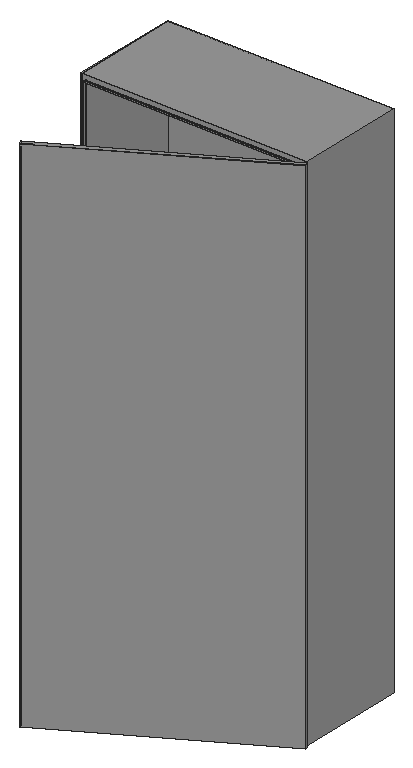
Revit family "Hager-Univers-IP41-D400-H1850-Cl.I-Steel_encl-NoHosted-AT-de", category Equipement électrique, Revit 2020
Family settings
  Configuration du panneau = Deux colonnes, circuits au sein
  Cote de connecteur circulaire = Utiliser le diamètre
  Type d'élément = Tableau de raccordement
  Basée sur le plan de construction = Oui
  Toujours verticalement = Oui
  Couper avec des vides une fois chargée = Non
  Partagée = Non
  Point de calcul de pièce = Non
Parameters (values of type "Aufputz IP41 B800 H1850 T400  - FS23G")
  Width Control [instance] = if([EF000008 - Breite] > Min Width, [EF000008 - Breite], Min Width)  # 800 mm
  Commentaires du type = [HG000003 - Bereich]  # "Univers"
  Thickness Door [instance] = if([EF009171 - Materialstärke Tür/Deckel] > 3 mm, 3 mm, [EF009171 - Materialstärke Tür/Deckel])  # 1.5 mm
  Seal Frame Offset [instance] = 17 mm  # constant formula
  Plinth Visibility [instance] = [HG000027 - Sockelhöhe] > 0 mm  # no
  Min Width [instance] = 100 mm  # constant formula
  Min Depth [instance] = (2 * [EF009170 - Materialstärke Gehäuse]) + 1 mm  # 4 mm
  Min Height [instance] = 100 mm  # constant formula
  Internal Frame Depth [instance] = (Door System Depth * 0.5)  # 9 mm
  Panel Name [instance] = ""  # (empty or 0)
  Model = ""
  HG000027 - Sockelhöhe = 0 mm
  HG000026 - Stehend auf dem Boden = no
  HG000024 - Höhe des unteren Teils = 600 mm
  HG000023 - Gehäuse mit doppeltem Querschnitt = no
  HG000016 - 3D-Türsichtbarkeit [instance] = yes
  HG000015 - Sichtbarkeit der Türöffnung [instance] = no
  HG000014 - Tür rechts [instance] = yes
  HG000013 - Tür links [instance] = not([HG000014 - Tür rechts])  # no
  HG000012 - Türschwenkwinkel [instance] = 30.00°
  HG000010 - Asymmetrische Türen = no
  HG000009 - Doppelflügeligen Tür = no
  HG000006 - Unterputz = no
  HG000004 - Herstellerreferenz = "FS23G"
  HG000003 - Bereich = "Univers"
  HG000002 - Mit tür = yes
  Frame Offset Bottom [instance] = 10 mm  # constant formula
  Frame Offset [instance] = 15 mm  # constant formula
  EF015940 - Deckel mit Überdruckentlastung = no
  EF011959 - Schutzart (NEMA) = ""
  EF009554 - Anzahl der Öffnungen für Flanschplatten = 6
  EF009212 - Ausführung Deckel = "EV000116 - geschlossen"
  EF009171 - Materialstärke Tür/Deckel = 1.5 mm
  EF009170 - Materialstärke Gehäuse = 1.5 mm
  EF008873 - Nennstrom (In) = 800 A
  EF007800 - Geeignet für Blitzschutz = no
  EF006306 - Mit Schloss = no
  EF006244 - Transparenter Deckel/Tür = no
  EF005474 - Schutzart (IP) = "EV006416 - IP41"
  EF004464 - Art der Tür = "EV002646 - Einzel"
  EF004427 - Anzahl der Module = 432
  EF004293 - Schlagfestigkeit = "EV006813 - IK07"
  EF003532 - Geeignet für Außengebrauch = no
  EF002950 - Breite in Teilungseinheiten = 24
  EF001613 - Funktionserhalt = "EV000494 - ohne"
  EF001596 - Werkstoff des Gehäuses = "EV000179 - Stahl"
  EF001131 - Innentiefe = 400 mm
  EF001088 - Anbaumöglichkeit = yes
  EF000437 - Anzahl der Leitungseinführungen = 6
  EF000339 - Art der Abdeckung = "EV004216 - Tür"
  EF000266 - Anzahl der Reihen = 12
  EF000218 - Einbautiefe = 0 mm
  EF000118 - Mit Montageplatte = no
  EF000116 - RAL-Nummer = "7035"
  EF000049 - Tiefe = 400 mm
  EF000040 - Höhe = 1850 mm
  EF000008 - Breite = 800 mm
  EF000007 - Farbe = "EV000270 - grau"
  EF000003 - Montageart = "EV000384 - Aufputz"
  Door System Leaf Tolerance [instance] = 1.5 mm  # constant formula
  Door System Depth [instance] = 18 mm  # constant formula
  Door Height [instance] = Height Control - [HG000027 - Sockelhöhe]  # 1850 mm
  Description = ""
  Default Elevation = 1219.2 mm
  Connector Offset [instance] = Height Control / 2  # 925 mm
  Fabricant = "Hager"  # constant formula
  Height Control [instance] = if([EF000040 - Höhe] > Min Height, [EF000040 - Höhe], Min Height)  # 1850 mm
  Depth Control [instance] = if([EF000049 - Tiefe] > Min Depth, [EF000049 - Tiefe], Min Depth)  # 400 mm
  Bottom Top Plate Trim [instance] = 1.5 mm  # constant formula
  Plinth height Ctrl [instance] = if([HG000027 - Sockelhöhe] > 0 mm, [HG000027 - Sockelhöhe], 12 mm)  # 12 mm
Types (5, lengths in mm): name | Width Control | HG000009 - Doppelflügeligen Tür | HG000004 - Herstellerreferenz | EF009554 - Anzahl der Öffnungen für Flanschplatten | EF004464 - Art der Tür | EF004427 - Anzahl der Module | EF000437 - Anzahl der Leitungseinführungen | EF000008 - Breite
  Aufputz IP41 B1050 H1850 T400  - FS24G | 1050 | yes | "FS24G" | 8 | "EV003602 - Doppel" | 576 | 8 | 1050
  Aufputz IP41 B1300 H1850 T400  - FS25G | 1300 | yes | "FS25G" | 10 | "EV003602 - Doppel" | 720 | 10 | 1300
  Aufputz IP41 B300 H1850 T400  - FS21G | 300 | no | "FS21G" | 2 | "EV002646 - Einzel" | 144 | 2 | 300
  Aufputz IP41 B550 H1850 T400  - FS22G | 550 | no | "FS22G" | 4 | "EV002646 - Einzel" | 288 | 4 | 550
  Aufputz IP41 B800 H1850 T400  - FS23G | 800 | no | "FS23G" | 6 | "EV002646 - Einzel" | 432 | 6 | 800
Reference planes
  plane 1 "Center (Front/Back)": y = 0
  plane 2: z = 0
  plane 3 "Center (Left/Right)": x = 0
  plane 4: y = 0
  plane 5: y = 0
  plane 6: z = 0
  plane 7: x = -400
  plane 8: x = 400
  plane 9: x = 398.5
  plane 10: x = -398.5
  plane 11: z = 0
  plane 12: z = 1.5
  plane 13: y = -400
  plane 14: y = -1.5
  plane 15: x = 0
  plane 16: y = -382
  plane 17: y = -398.5
  plane 18: y = -380.5
  plane 19: x = -383.5
  plane 20: x = 383.5
  plane 21: z = 11.5
  plane 22: x = -383
  plane 23: x = 383
  plane 24: z = 0
  plane 25: z = 1850
  plane 26: z = 1850
  plane 27: z = 1833.5
  plane 28: z = 1848.5
Forms (mm)
  Extrusion 1, solid, material "Hager_Steel_RAL7035_Light_Grey", detail levels medium+fine
    sketch origin (-208.679, -4572, 0) x (-1, 0, 0) y (0, -1, 0)
      loop
        line (191.321, -4190) -> (-608.679, -4190) -> (-608.679, -4572) -> (191.321, -4572) -> (191.321, -4190)
    from 0 to 1850
  Extrusion 2, void
    sketch origin (-350.771, -400, 1219.2) x (1, 0, 0) y (0, 0, 1)
      loop
        line (-47.729, 629.3) -> (-47.729, -1217.7) -> (749.271, -1217.7) -> (749.271, 629.3) -> (-47.729, 629.3)
    from -19.5 to -398.5
  Extrusion 3, void
    sketch origin (-290.084, -382, 1219.2) x (1, 0, 0) y (0, 0, 1)
      loop
        line (-93.416, -1207.7) -> (673.584, -1207.7) -> (673.584, 614.3) -> (-93.416, 614.3) -> (-93.416, -1207.7)
    from 0 to -1.5
  Extrusion 4, solid, material "Hager_Steel_RAL7035_Light_Grey", visible <- "Plinth Visibility", detail levels medium+fine
    sketch origin (0, 0, 0) x (1, 0, 0) y (0, 1, 0)
      loop
        line (-400, 0) -> (-400, -382) -> (400, -382) -> (400, 0) -> (-400, 0)
    from 0 to 12 <- "Plinth height Ctrl"
  Extrusion 5, solid, material "Hager_Steel_RAL7035_Light_Grey", detail levels coarse
    sketch origin (0, 0, 0) x (1, 0, 0) y (0, 1, 0)
      loop
        line (-400, 0) -> (-400, -400) -> (400, -400) -> (400, 0) -> (-400, 0)
    from 0 to 1850 <- "Height Control"
  Sweep 6, void
    path in 3D
      loop
        line (-400, -382, 12) -> (400, -382, 12) -> (400, 0, 12) -> (-400, 0, 12) -> (-400, -382, 12)
    profile origin (-400, -191, 12) x (1, 0, 0) y (0, 0, 1)
      loop
        line (0, 0) -> (0, -1.5) -> (1.5, -1.5)
        arc (1.5, -1.5) -> (1.061, -0.439) -> (0, 0) r 1.5
  Extrusion 7, solid, material "Hager_Steel_RAL7035_Light_Grey", detail levels fine
    sketch origin (-400, -382, 0) x (1, 0, 0) y (0, 0, 1)
      loop
        line (16.5, 11.5) -> (783.5, 11.5) -> (783.5, 1833.5) -> (16.5, 1833.5) -> (16.5, 11.5)
      loop
        line (15, 10) -> (785, 10) -> (785, 1835) -> (15, 1835) -> (15, 10)
    from 0 to 9 <- "Internal Frame Depth"
Cuts and joins
  Extrusion 2, Extrusion 3 cuts Extrusion 1
  Sweep 6 cuts Extrusion 4
Lines and regions (mm)
  Masking region 1
    outline origin (0, 0, 0) x (1, 0, 0) y (0, 1, 0)
      loop
        line (-400, 0) -> (-400, -400) -> (400, -400) -> (400, 0) -> (-400, 0)
  Masking region 2, detail levels coarse
    outline origin (-290.084, -382, 1219.2) x (-1, 0, 0) y (0, 0, 1)
      loop
        line (-690.084, -1219.2) -> (109.916, -1219.2) -> (109.916, 630.8) -> (-690.084, 630.8) -> (-690.084, -1219.2)
  Masking region 3, detail levels coarse
    outline origin (0, 0, 0) x (0, 1, 0) y (0, 0, 1)
      loop
        line (0, 0) -> (0, 1850) -> (-400, 1850) -> (-400, 0) -> (0, 0)
  Masking region 4, visible <- "Plinth Visibility", detail levels medium+fine
    outline origin (0, 0, 0) x (0, 1, 0) y (0, 0, 1)
      loop
        line (-1.5, 12) -> (-380.5, 12)
        arc (-380.5, 12) -> (-380.939, 10.939) -> (-382, 10.5) r 1.5
        line (-382, 10.5) -> (-382, 0) -> (0, 0) -> (0, 10.5)
        arc (0, 10.5) -> (-1.061, 10.939) -> (-1.5, 12) r 1.5
  Masking region 5, detail levels medium+fine
    outline origin (0, 0, 594.038) x (0, 1, 0) y (0, 0, 1)
      loop
        line (0, -594.038) -> (0, 1255.962) -> (-382, 1255.962) -> (-382, -594.038) -> (0, -594.038)
  Masking region 6, detail levels medium+fine
    outline origin (-359.7, -382, 1211.883) x (-1, 0, 0) y (0, 0, 1)
      loop
        line (-759.7, -1211.883) -> (40.3, -1211.883) -> (40.3, 638.117) -> (-759.7, 638.117) -> (-759.7, -1211.883)
  Masking region 7, visible <- "Plinth Visibility", detail levels medium+fine
    outline origin (-320.334, -382, 1041.368) x (-1, 0, 0) y (0, 0, 1)
      loop
        line (-720.334, -1041.368) -> (79.666, -1041.368) -> (79.666, -1030.868)
        arc (79.666, -1030.868) -> (78.606, -1030.429) -> (78.166, -1029.368) r 1.5
        line (78.166, -1029.368) -> (-718.834, -1029.368)
        arc (-718.834, -1029.368) -> (-719.273, -1030.429) -> (-720.334, -1030.868) r 1.5
        line (-720.334, -1030.868) -> (-720.334, -1041.368)
  sketch lines
    curve 1: line (-400, 0, 12) -> (-400, -382, 12)
    curve 2: line (-400, -382, 12) -> (400, -382, 12)
    curve 3: line (400, 0, 12) -> (-400, 0, 12)
    curve 4: line (400, -382, 12) -> (400, 0, 12)
Dimensions and locks
  locked: plane 1 "Center (Front/Back)" to plane 5
  "EF009170 - Materialstärke Gehäuse": plane 7 to plane 10
  "EF009170 - Materialstärke Gehäuse": plane 8 to plane 9
  equal spacing: plane 7, plane 3 "Center (Left/Right)", plane 8
  "Width Control": plane 7 to plane 8
  "Depth Control": plane 4 to plane 13
  "EF009170 - Materialstärke Gehäuse": plane 4 to plane 14
  "Height Control": plane 25 to level
  "HG000027 - Sockelhöhe": plane 11 to level
  "EF009170 - Materialstärke Gehäuse": plane 12 to plane 11
  "EF009170 - Materialstärke Gehäuse": plane 17 to plane 13
  "EF009170 - Materialstärke Gehäuse": plane 18 to plane 16
  "Frame Offset Bottom": plane 21 to plane 12
  "Frame Offset": plane 10 to plane 19
  "Frame Offset": plane 9 to plane 20
  "Door System Depth": plane 16 to plane 13
  "Seal Frame Offset": plane 7 to plane 22
  "Seal Frame Offset": plane 8 to plane 23
  "EF009170 - Materialstärke Gehäuse": plane 26 to plane 28
  "Frame Offset": plane 28 to plane 27
  "Connector Offset": plane 2 to connector elem
  "Bottom Top Plate Trim": profile plane to Sweep 6 sketch curve
  "Bottom Top Plate Trim": Sweep 6 sketch curve to Sweep 6 sketch curve
  "Plinth height Ctrl": Masking region 4 sketch curve to level
  "Plinth height Ctrl": Masking region 7 sketch curve to level
  "Thickness Door": Extrusion 7 sketch curve to Extrusion 7 sketch curve  (x4)
  "Bottom Top Plate Trim": radius of Sweep 6 sketch curve
  "Bottom Top Plate Trim": radius of Masking region 4 sketch curve  (x2)
  "Bottom Top Plate Trim": radius of Masking region 7 sketch curve  (x2)
  aligned and locked: Extrusion 2 sketch curve to plane 12
  aligned and locked: Extrusion 2 sketch curve to plane 9
  aligned and locked: Extrusion 2 sketch curve to plane 10
  aligned and locked: Extrusion 2 to plane 14
  aligned and locked: Extrusion 1 sketch curve to plane 4
  aligned and locked: plane 8 to Extrusion 1 sketch curve
  aligned and locked: plane 7 to Extrusion 1 sketch curve
  aligned and locked: Extrusion 2 to plane 18
  aligned and locked: Extrusion 3 sketch curve to plane 19
  aligned and locked: plane 20 to Extrusion 3 sketch curve
  aligned and locked: Extrusion 3 to Extrusion 2
  aligned and locked: Extrusion 3 sketch curve to plane 21
  aligned and locked: plane 3 "Center (Left/Right)" to nested 1
  aligned and locked: Extrusion 1 sketch curve to plane 16
  aligned and locked: Extrusion 4 sketch curve to cut or joined group of Extrusion 1, Extrusion 2, Extrusion 3
  aligned and locked: Masking region 1 sketch curve to plane 7
  aligned and locked: Masking region 1 sketch curve to plane 5
  aligned and locked: Masking region 1 sketch curve to plane 8
  aligned and locked: Masking region 2 sketch curve to level
  aligned and locked: level to Masking region 3 sketch curve
  aligned and locked: plane 1 "Center (Front/Back)" to Masking region 3 sketch curve
  aligned and locked: plane 13 to Masking region 3 sketch curve
  aligned and locked: plane 5 to Masking region 4 sketch curve
  aligned and locked: Masking region 2 sketch curve to plane 8
  aligned and locked: Masking region 2 sketch curve to plane 7
  aligned and locked: plane 7 to nested 2
  aligned and locked: nested 2 to plane 5
  aligned and locked: plane 5 to Masking region 5 sketch curve
  aligned and locked: plane 26 to Masking region 5 sketch curve
  aligned and locked: Extrusion 5 sketch curve to plane 8
  aligned and locked: Extrusion 5 sketch curve to plane 7
  aligned and locked: Extrusion 5 sketch curve to plane 5
  aligned and locked: Extrusion 3 sketch curve to plane 27
  aligned and locked: Extrusion 2 sketch curve to plane 28
  aligned and locked: Masking region 2 to plane 25
  aligned and locked: Extrusion 4 to plane 16
  aligned and locked: profile plane to Sweep 6 sketch curve
  aligned and locked: Masking region 5 sketch curve to plane 24
  aligned and locked: level to Masking region 4 sketch curve
  aligned and locked: Masking region 1 to plane 13
  aligned and locked: nested 1 to plane 16
  aligned and locked: Masking region 3 to plane 25
  aligned and locked: plane 16 to Masking region 4 sketch curve
  aligned and locked: Masking region 5 sketch curve to plane 16
  aligned and locked: plane 24 to plane 11
  aligned and locked: plane 26 to plane 25
  aligned and locked: plane 26 to cut or joined group of Extrusion 1, Extrusion 2, Extrusion 3
  aligned and locked: nested 1 to plane 24
  aligned and locked: Extrusion 1 to Extrusion 3
  aligned and locked: Masking region 6 sketch curve to plane 8
  aligned and locked: Masking region 6 sketch curve to plane 24
  aligned and locked: Masking region 6 sketch curve to plane 7
  aligned and locked: Masking region 6 sketch curve to plane 26
  aligned and locked: Masking region 7 sketch curve to plane 7
  aligned and locked: level to Masking region 7 sketch curve
  aligned and locked: Masking region 7 sketch curve to plane 8
  aligned and locked: Extrusion 7 sketch curve to cut or joined group of Extrusion 1, Extrusion 2, Extrusion 3  (x4)
Automatic sketch dimensions
  plane 19 to Extrusion 3 sketch curve = 0 mm
  Extrusion 3 sketch curve to plane 20 = 0 mm
  Extrusion 3 sketch curve to plane 21 = 0 mm
  Extrusion 4 sketch curve to plane 7 = 0 mm
  Extrusion 4 sketch curve to plane 8 = 0 mm
  Extrusion 4 sketch curve to plane 16 = 0 mm
  Masking region 1 sketch curve to plane 13 = 0 mm
  Masking region 2 sketch curve to plane 25 = 0 mm
  Masking region 3 sketch curve to plane 25 = 0 mm
  Extrusion 5 sketch curve to plane 13 = 0 mm
  profile plane to Sweep 6 sketch curve = 0 mm
Nested families
  nested 1: "EC000058_Univers_Door" at (0, -382, 0), Double <- "HG000009 - Doppelflügeligen Tür", Transparent <- "EF006244 - Transparenter Deckel/Tür", Angle <- "HG000012 - Türschwenkwinkel", Door_Right <- "HG000014 - Tür rechts", Assymetrical <- "HG000010 - Asymmetrische Türen", Door <- "HG000002 - Mit tür", Width_Ctrl <- "Width Control", 3d_Door <- "HG000016 - 3D-Türsichtbarkeit", Clearance <- "HG000015 - Sichtbarkeit der Türöffnung", Door_Left <- "HG000013 - Tür links", Width <- "Width Control", Door_Depth <- "Door System Depth", Leaf_Tolerance <- "Door System Leaf Tolerance", Height <- "Door Height", Lock_Visibility <- "EF006306 - Mit Schloss", Thickness <- "Thickness Door", type "EC000058_Univers_Door", detail levels medium+fine
    with min_wh 4 mm, Width_Ctrl 800 mm, Width 800 mm, Transparent no, Thickness 1.5 mm, Seal_Material Hager_Rubber, Lock_Visibility no, Lock_Material Hager_Plastic_RAL9005_Jet_Black, Leaf_Width 800 mm, Leaf_Tolerance_External_Sides 0 mm, Leaf_Tolerance 1.5 mm, Leaf_Offset 0 mm, Leaf_Height 1847 mm, Leaf_2_Width 800 mm, Leaf_2_Offset 400 mm, Leaf_1_Width 800 mm, Leaf_1_Offset 400 mm, Height_Ctrl 1850 mm, Height 1850 mm, Glass_Material Hager_Glass, Double_Clearance_Ctrl no, Double no, Door_Right_Ctrl yes, Door_Right yes, Door_Material Hager_Steel_RAL7035_Light_Grey, Door_Left_Ctrl no, Door_Left no, Door_Depth 18 mm, Door yes, Clearance_Material Hager_Clearance, Clearance_Depth 800 mm, Clearance_Ctrl no, Clearance no, Assymetrical no, Angle 30.00°, 3d_Door yes
  nested 2: "Hager_Enclosure_Symbol" at (-400, 0, 0), Height <- "Depth Control", Width <- "Width Control", type "Hager_Enclosure_Symbol"
    with Width_Ctrl 800 mm, Width 800 mm, Height_Ctrl 400 mm, Height 400 mm, A_Width_Int 26.25 mm, A_Width 315 mm, A_Height_Ctrl 350 mm, A_Height 350 mm
Connectors
  electrical at (0, 0, 925)
    settings: on plane 1 "Center (Front/Back)", index 1, voltage 0 V, apparent load 0 VA, apparent load phase1 0 VA, apparent load phase2 0 VA, apparent load phase3 0 VA, power factor 1, load classification "Other", number of poles 1, system type 30, power factor state 1, is connector primary yes, connector utility no, sub classification motor no, connector description ""
Definition of nested family "EC000058_Univers_Door"
  Parameters (values of type "EC000058_Univers_Door")
    min_wh [instance] = (2 * Thickness) + 1 mm  # 11 mm
    Width_Ctrl [instance] = 400 mm
    Width [instance] = 500 mm
    Transparent [instance] = yes
    Thickness [instance] = 5 mm
    Seal_Material [instance] = none
    Lock_Visibility [instance] = yes
    Lock_Material [instance] = none
    Leaf_Width [instance] = if((Width_Ctrl - 2 * Leaf_Tolerance_External_Sides) > 0 mm, (Width_Ctrl - 2 * Leaf_Tolerance_External_Sides), min_wh)  # 400 mm
    Leaf_Tolerance_External_Sides [instance] = 0 mm  # constant formula
    Leaf_Tolerance [instance] = 1.5 mm
    Leaf_Offset [instance] = 0 mm  # constant formula
    Leaf_Height [instance] = if((Height_Ctrl - 2 * Leaf_Tolerance) > 0 mm, (Height_Ctrl - 2 * Leaf_Tolerance), min_wh)  # 497 mm
    Leaf_2_Width [instance] = if(and(and(Double, Assymetrical), Door_Left), (Leaf_Width / 3) - (Leaf_Tolerance / 2), if(and(and(Double, Assymetrical), Door_Right), (Leaf_Width / 3) * 2 - (Leaf_Tolerance / 2), if(and(Double, not(Assymetrical)), (Leaf_Width / 2) - Leaf_Tolerance, Leaf_Width)))  # 400 mm
    Leaf_2_Offset [instance] = if(and(Double, Assymetrical), Leaf_2_Width / 2, if(and(Double, not(Assymetrical)), Leaf_Width / 4, Leaf_Width / 2))  # 200 mm
    Leaf_1_Width [instance] = if(and(and(Double, Assymetrical), Door_Right), (Leaf_Width / 3) - (Leaf_Tolerance / 2), if(and(and(Double, Assymetrical), Door_Left), (Width / 3) * 2 - (Leaf_Tolerance / 2), if(and(Double, not(Assymetrical)), (Leaf_Width / 2) - Leaf_Tolerance, Leaf_Width)))  # 400 mm
    Leaf_1_Offset [instance] = if(and(Double, Assymetrical), Leaf_1_Width / 2, if(and(Double, not(Assymetrical)), Leaf_Width / 4, Leaf_Width / 2))  # 200 mm
    Height_Ctrl [instance] = if(Height > min_wh, Height, min_wh)  # 500 mm
    Height [instance] = 500 mm
    Glass_Material [instance] = none
    Double_Clearance_Ctrl [instance] = and(Double, Clearance)  # no
    Double [instance] = no
    Door_Right_Ctrl [instance] = and(or(Door_Right, Double), Door)  # yes
    Door_Right [instance] = yes
    Door_Material [instance] = none
    Door_Left_Ctrl [instance] = and(or(Door_Left, Double), Door)  # no
    Door_Left [instance] = no
    Door_Depth [instance] = 30 mm
    Door [instance] = yes
    Default Elevation = 1219.2 mm
    Clearance_Material [instance] = none
    Clearance_Depth [instance] = if(Leaf_1_Width > Leaf_2_Width, Leaf_1_Width, Leaf_2_Width)  # 400 mm
    Clearance_Ctrl [instance] = and(not(Double), Clearance)  # yes
    Clearance [instance] = yes
    Assymetrical [instance] = yes
    Angle [instance] = 30.00°
    3d_Door [instance] = yes
  Reference planes
    plane 1 "Center (Front/Back)": y = 0
    plane 2 "Bottom": z = 0
    plane 3 "Center (Left/Right)": x = 0
    plane 4: z = 500
    plane 5: x = -200
    plane 6: x = 200
    plane 7: z = 500
    plane 8: x = -200
    plane 9: z = 0
    plane 10: x = 200
    plane 11: y = 0
    plane 12: z = 1.5
    plane 13: x = -600
    plane 14: y = -400
    plane 15: x = 600
    plane 16: x = 0
    plane 17: x = 0
    plane 18: x = -200
    plane 19: x = 200
    plane 20: z = 498.5
  Forms (mm)
    Extrusion 1, solid, material <- "Clearance_Material", visible <- "Double_Clearance_Ctrl"
      sketch origin (1200, 0, 0) x (1, 0, 0) y (0, 0, -1)
        loop
          line (-1800, -498.5) -> (-600, -498.5) -> (-600, 0) -> (-1800, 0) -> (-1800, -498.5)
      from 0 to -400
  Dimensions and locks
    equal spacing: plane 5, plane 3 "Center (Left/Right)", plane 6
    "Width_Ctrl": plane 5 to plane 6
    "Leaf_Offset": plane 5 to plane 8
    "Leaf_Offset": plane 6 to plane 10
    "Leaf_Offset": plane 9 to level
    "Leaf_Offset": plane 4 to plane 7
    "Height_Ctrl": plane 4 to level
    "Leaf_Tolerance": plane 12 to plane 9
    locked: plane 11 to plane 1 "Center (Front/Back)"
    "Leaf_1_Offset": plane 18 to plane 16
    "Leaf_2_Offset": plane 17 to plane 19
    "Leaf_1_Width": plane 13 to plane 8
    "Leaf_2_Width": plane 10 to plane 15
    "Clearance_Depth": plane 14 to plane 1 "Center (Front/Back)"
    "Leaf_Tolerance_External_Sides": plane 8 to plane 18
    "Leaf_Tolerance_External_Sides": plane 19 to plane 10
    "Leaf_Tolerance": plane 7 to plane 20
    aligned and locked: level to plane 2 "Bottom"
    aligned and locked: nested 1 to plane 16
    aligned and locked: nested 2 to plane 17
    aligned and locked: Extrusion 1 to plane 13
    aligned and locked: plane 15 to Extrusion 1
    aligned and locked: Extrusion 1 to plane 14
    aligned and locked: plane 12 to nested 1
    aligned and locked: nested 2 to plane 12
    aligned and locked: Extrusion 1 to plane 11
    aligned and locked: plane 20 to Extrusion 1
    aligned and locked: nested 2 to plane 11
    aligned and locked: nested 1 to plane 11
  Automatic sketch dimensions
    Extrusion 1 sketch curve to level = 0 mm
    plane 5 to Extrusion 1 sketch curve = 400 mm
    plane 6 to Extrusion 1 sketch curve = 400 mm
    Extrusion 1 sketch curve to plane 4 = 1.5 mm
  Nested families
    nested 1: "EC000058_Univers_Door_Leaf" at (0, 0, 1.5), Width <- "Leaf_1_Width", visible <- "Door_Left_Ctrl", Leaf_Height <- "Leaf_Height", Angle <- "Angle", 3d_Door <- "3d_Door", Transparent <- "Transparent", Clearance Material <- "Clearance_Material", Clearance <- "Clearance_Ctrl", Door_Material <- "Door_Material", Glass_Material <- "Glass_Material", Door_Depth <- "Door_Depth", Lock_Material <- "Lock_Material", Seal_Material <- "Seal_Material", Lock_Visibility <- "Lock_Visibility", Thickness <- "Thickness", type "EC000058_Univers_Door_Leaf"
      with Width 400 mm, Transparent_Glass_Offset 30 mm, Transparent_Ctrl yes, Transparent yes, Thickness 5 mm, Standard no, Seal_Material none, Seal_D2 8 mm, Seal_D1 1 mm, Offset_Internal_Frame 10 mm, Lock_Width 20 mm, Lock_Visibility_3d yes, Lock_Visibility yes, Lock_Thickness_3 3 mm, Lock_Thickness_2 1 mm, Lock_Thickness_1 3 mm, Lock_Radius_Offset_2 16 mm, Lock_Radius_Offset_1 15 mm, Lock_Radius_2 5 mm, Lock_Radius 6 mm, Lock_Offset 5 mm, Lock_Material none, Lock_Height 80 mm, Lock_Cover_Top_Offset_2d 17 mm, Lock_Cover_Height -65 mm, Leaf_Height 497 mm, Internal_Seal_Thickness 8 mm, Internal_Seal_Depth_2 4.5 mm, Internal_Frame_Depth 25 mm, Glass_Thickness -1 mm, Glass_Offset -2 mm, Glass_Material none, Door_Material none, Door_Depth 30 mm, Clearance Material none, Clearance yes, Angle_Ctrl 30.00°, Angle 30.00°, 3d_Door yes
    nested 2: "EC000058_Univers_Door_Leaf" at (0, 0, 1.5) x (-1, 0, 0) z (0, 0, 1), Width <- "Leaf_2_Width", visible <- "Door_Right_Ctrl", Leaf_Height <- "Leaf_Height", Angle <- "Angle", 3d_Door <- "3d_Door", Transparent <- "Transparent", Clearance Material <- "Clearance_Material", Clearance <- "Clearance_Ctrl", Door_Material <- "Door_Material", Glass_Material <- "Glass_Material", Door_Depth <- "Door_Depth", Lock_Material <- "Lock_Material", Seal_Material <- "Seal_Material", Lock_Visibility <- "Lock_Visibility", Thickness <- "Thickness", type "EC000058_Univers_Door_Leaf"
      with Width 400 mm, Transparent_Glass_Offset 30 mm, Transparent_Ctrl yes, Transparent yes, Thickness 5 mm, Standard no, Seal_Material none, Seal_D2 8 mm, Seal_D1 1 mm, Offset_Internal_Frame 10 mm, Lock_Width 20 mm, Lock_Visibility_3d yes, Lock_Visibility yes, Lock_Thickness_3 3 mm, Lock_Thickness_2 1 mm, Lock_Thickness_1 3 mm, Lock_Radius_Offset_2 16 mm, Lock_Radius_Offset_1 15 mm, Lock_Radius_2 5 mm, Lock_Radius 6 mm, Lock_Offset 5 mm, Lock_Material none, Lock_Height 80 mm, Lock_Cover_Top_Offset_2d 17 mm, Lock_Cover_Height -65 mm, Leaf_Height 497 mm, Internal_Seal_Thickness 8 mm, Internal_Seal_Depth_2 4.5 mm, Internal_Frame_Depth 25 mm, Glass_Thickness -1 mm, Glass_Offset -2 mm, Glass_Material none, Door_Material none, Door_Depth 30 mm, Clearance Material none, Clearance yes, Angle_Ctrl 30.00°, Angle 30.00°, 3d_Door yes
  Definition of nested family "EC000058_Univers_Door_Leaf"
    Parameters (values of type "EC000058_Univers_Door_Leaf")
      Width [instance] = 2000 mm
      Transparent_Glass_Offset [instance] = 30 mm
      Transparent_Ctrl [instance] = and(Transparent, [3d_Door])  # yes
      Transparent [instance] = yes
      Thickness [instance] = 5 mm
      Standard [instance] = and(not(Transparent), [3d_Door])  # no
      Seal_Material [instance] = none
      Seal_D2 [instance] = 8 mm  # constant formula
      Seal_D1 [instance] = 1 mm  # constant formula
      Offset_Internal_Frame [instance] = 10 mm  # constant formula
      Lock_Width [instance] = 20 mm  # constant formula
      Lock_Visibility_3d [instance] = and(Lock_Visibility, [3d_Door])  # yes
      Lock_Visibility [instance] = yes
      Lock_Thickness_3 [instance] = 3 mm  # constant formula
      Lock_Thickness_2 [instance] = 1 mm  # constant formula
      Lock_Thickness_1 [instance] = 3 mm  # constant formula
      Lock_Radius_Offset_2 [instance] = Lock_Radius_Offset_1 + 1 mm  # 16 mm
      Lock_Radius_Offset_1 [instance] = 15 mm  # constant formula
      Lock_Radius_2 [instance] = Lock_Radius - 1 mm  # 5 mm
      Lock_Radius [instance] = 6 mm  # constant formula
      Lock_Offset [instance] = 5 mm  # constant formula
      Lock_Material [instance] = none
      Lock_Height [instance] = 80 mm  # constant formula
      Lock_Cover_Top_Offset_2d [instance] = Lock_Radius_Offset_2 + 1 mm  # 17 mm
      Lock_Cover_Height [instance] = -(Lock_Height - Lock_Radius_Offset_1)  # -65 mm
      Leaf_Height [instance] = 2720.336 mm
      Internal_Seal_Thickness [instance] = 8 mm  # constant formula
      Internal_Seal_Depth_2 [instance] = 4.5 mm  # constant formula
      Internal_Frame_Depth [instance] = if(Door_Depth - Thickness > 5 mm, Door_Depth - Thickness, 5 mm)  # 25 mm
      Glass_Thickness [instance] = if(Thickness > 15 mm, Glass_Offset + 10 mm, -1 mm)  # -1 mm
      Glass_Offset [instance] = if(Thickness > 15 mm, -(Thickness + 10 mm) / 2, -2 mm)  # -2 mm
      Glass_Material [instance] = none
      Door_Material [instance] = none
      Door_Depth [instance] = 30 mm
      Default Elevation = 0 mm
      Clearance Material [instance] = none
      Clearance [instance] = yes
      Angle_Ctrl [instance] = if(Angle > 180.00°, 180.00°, Angle)  # 90.00°
      Angle [instance] = 90.00°
      3d_Door [instance] = yes
    Reference planes
      plane 1 "Center (Front/Back)": y = 0
      plane 2: z = 0
      plane 3 "Center (Left/Right)": x = 0
      plane 4: y = 2000
      plane 5: x = -1000
      plane 6: x = 1000
      plane 7: x = -3000
      plane 8: z = 2720.336
      plane 9: z = 30
      plane 10: z = 2690.336
      plane 11: x = 970
      plane 12: x = -970
      plane 13: y = -3
      plane 14: z = 107.833
      plane 15: y = -5
      plane 16: y = -223.314
      plane 17: x = -1000
      plane 18: z = 1360.168
      plane 19: y = 30
    Forms (mm)
      Extrusion 1, solid, material <- "Clearance Material", visible <- "Clearance"
        sketch origin (0, 0, 0) x (1, 0, 0) y (0, 0, 1)
          loop
            line (-3000, 2720.336) -> (-3000, 0) -> (1000, 0) -> (1000, 2720.336) -> (-3000, 2720.336)
        from 0 to -2000
      Extrusion 2, solid, material <- "Door_Material", visible <- "Standard", detail levels medium+fine
        sketch origin (-1000, 0, 0) x (0, 1, 0) y (-1, 0, 0)
          loop
            line (0, 30) -> (0, 25) -> (2000, 25) -> (2000, 30) -> (0, 30)
        from 0 to 2720.336 <- "Leaf_Height"
      Extrusion 3, solid, material <- "Door_Material", visible <- "Transparent_Ctrl", detail levels medium+fine
        sketch origin (-1000, 0, 0) x (0, 1, 0) y (-1, 0, 0)
          loop
            line (0, 25) -> (2000, 25) -> (2000, 30) -> (0, 30) -> (0, 25)
        from 0 to 2720.336 <- "Leaf_Height"
      Extrusion 4, void
        sketch origin (-1025, 2000, 0) x (0, 1, 0) y (0, 0, -1)
          loop
            line (-30, -2690.336) -> (-30, -30) -> (-1970, -30) -> (-1970, -2690.336) -> (-30, -2690.336)
        from 0 to 5 <- "Thickness"
      Sweep 5, solid, material <- "Seal_Material", visible <- "Transparent_Ctrl", detail levels fine
        path in 3D
          loop
            line (-1025, 30, 30) -> (-1025, 30, 2690.336) -> (-1025, 1970, 2690.336) -> (-1025, 1970, 30) -> (-1025, 30, 30)
        profile origin (-1025, 1000, 30) x (1, 0, 0) y (0, 0, 1)
          loop
            line (0, 0) -> (0, -8) -> (1, -8) -> (1, 0) -> (0, 0)
      Extrusion 6, solid, material <- "Glass_Material", visible <- "Transparent_Ctrl", detail levels medium+fine
        sketch origin (-1030, 0, 0) x (0, 1, 0) y (0, 0, -1)
          loop
            line (1970, -2690.336) -> (1970, -30) -> (30, -30) -> (30, -2690.336) -> (1970, -2690.336)
        from -2 <- "Glass_Offset" to -1 <- "Glass_Thickness"
      Extrusion 7, solid, material <- "Door_Material", visible <- "3d_Door", detail levels medium+fine
        sketch origin (-1025, 2000, 0) x (0, -1, 0) y (0, 0, -1)
          loop
            line (0, -2720.336) -> (2000, -2720.336) -> (2000, 0) -> (0, 0) -> (0, -2720.336)
          loop
            line (1995, -5) -> (5, -5) -> (5, -2715.336) -> (1995, -2715.336) -> (1995, -5)
        from 0 to 25 <- "Internal_Frame_Depth"
      Sweep 8, solid, material <- "Seal_Material", visible <- "Transparent_Ctrl", detail levels fine
        path in 3D
          loop
            line (-1025, 0, 0) -> (-1025, 2000, 0) -> (-1025, 2000, 2720.336) -> (-1025, 0, 2720.336) -> (-1025, 0, 0)
        profile origin (-1025, 0, 1360.168) x (1, 0, 0) y (0, 1, 0)
          loop
            line (0, 10) -> (2.975, 10)
            arc (2.975, 10) -> (4.053, 10.447) -> (4.5, 11.525) r 1.525
            line (4.5, 11.525) -> (4.5, 16.527)
            arc (4.5, 16.527) -> (4.069, 17.569) -> (3.027, 18) r 1.473
            line (3.027, 18) -> (0, 18) -> (0, 10)
      Extrusion 9, solid, material <- "Lock_Material", visible <- "Lock_Visibility_3d", detail levels fine
        sketch origin (-1030, 0, 0) x (0, 1, 0) y (0, 0, -1)
          loop
            arc (1993.5, -1400.168) -> (1994.561, -1399.729) -> (1995, -1398.668) r 1.5
            line (1995, -1398.668) -> (1995, -1320.168) -> (1975, -1320.168) -> (1975, -1398.668)
            arc (1975, -1398.668) -> (1975.439, -1399.729) -> (1976.5, -1400.168) r 1.5
            line (1976.5, -1400.168) -> (1993.5, -1400.168)
        from 3 <- "Lock_Thickness_1" to 0
      Blend 10, solid, material <- "Lock_Material", visible <- "Lock_Visibility_3d", detail levels fine
        base sketch origin (-1033, 0, 0) x (0, 1, 0) y (0, 0, -1)
          loop
            line (1975, -1320.168) -> (1975, -1398.668)
            arc (1975, -1398.668) -> (1975.439, -1399.729) -> (1976.5, -1400.168) r 1.5
            line (1976.5, -1400.168) -> (1993.5, -1400.168)
            arc (1993.5, -1400.168) -> (1994.561, -1399.729) -> (1995, -1398.668) r 1.5
            line (1995, -1398.668) -> (1995, -1320.168) -> (1975, -1320.168)
        top sketch origin (-1033, 0, 0) x (0, 1, 0) y (0, 0, -1)
          loop
            line (1976, -1320.168) -> (1976, -1398.668)
            arc (1976, -1398.668) -> (1976.146, -1399.022) -> (1976.5, -1399.168) r 0.5
            line (1976.5, -1399.168) -> (1993.5, -1399.168)
            arc (1993.5, -1399.168) -> (1993.854, -1399.022) -> (1994, -1398.668) r 0.5
            line (1994, -1398.668) -> (1994, -1320.168) -> (1976, -1320.168)
        from 0 to 1 <- "Lock_Thickness_2"
      Blend 11, solid, material <- "Lock_Material", visible <- "Lock_Visibility_3d", detail levels fine
        base sketch origin (-1034, 0, 0) x (0, 1, 0) y (0, 0, -1)
          loop
            line (1978, -1320.168) -> (1978, -1384.168)
            arc (1978, -1384.168) -> (1985, -1391.168) -> (1992, -1384.168) r 7
            line (1992, -1384.168) -> (1992, -1320.168) -> (1978, -1320.168)
        top sketch origin (-1034, 0, 0) x (0, 1, 0) y (0, 0, -1)
          loop
            line (1991, -1320.168) -> (1979, -1320.168) -> (1979, -1383.168)
            arc (1979, -1383.168) -> (1985, -1389.168) -> (1991, -1383.168) r 6
            line (1991, -1383.168) -> (1991, -1320.168)
        from 0 to 3 <- "Lock_Thickness_3"
      Extrusion 12, solid, material <- "Lock_Material", visible <- "Lock_Visibility_3d", detail levels fine
        sketch origin (-1030, 1975, 1320.168) x (1, 0, 0) y (0, -1, 0)
          loop
            line (-7, -19) -> (-7, -1) -> (0, -1) -> (0, 0) -> (-8, 0) -> (-8, -20) -> (0, -20) -> (0, -19) -> (-7, -19)
        from 0 to -65 <- "Lock_Cover_Height"
      Extrusion 13, void
        sketch origin (-1038, 1995, 1320.168) x (-1, 0, 0) y (0, 0, -1)
          loop
            line (-5, -65) -> (0, -65) -> (-5, -60) -> (-5, -65)
        from 0 to 20 <- "Lock_Width"
      Extrusion 14, void
        sketch origin (-1038, 1975, 1320.168) x (0, -1, 0) y (0, 0, -1)
          loop
            circle (-10, -15.995) r 6
          loop
            circle (-10, -15.995) r 5
        from 0 to 2
      Extrusion 15, solid, material <- "Lock_Material", visible <- "Lock_Visibility_3d", detail levels medium
        sketch origin (-1030, 0, 0) x (0, 1, 0) y (0, 0, -1)
          loop
            arc (1993.5, -1400.168) -> (1994.561, -1399.729) -> (1995, -1398.668) r 1.5
            line (1995, -1398.668) -> (1995, -1320.168) -> (1975, -1320.168) -> (1975, -1398.668)
            arc (1975, -1398.668) -> (1975.439, -1399.729) -> (1976.5, -1400.168) r 1.5
            line (1976.5, -1400.168) -> (1993.5, -1400.168)
        from 8 to 0
    Cuts and joins
      Extrusion 4 cuts Extrusion 3
      Extrusion 13, Extrusion 14 cuts Extrusion 9
      Extrusion 14 cuts Blend 11
      Extrusion 13, Extrusion 14 cuts Extrusion 12
      joined: Extrusion 9, Blend 10, Blend 11, Extrusion 12
      Extrusion 14 cuts Extrusion 15
    Lines and regions (mm)
      Masking region 1, visible <- "Lock_Visibility", detail levels fine
        outline origin (0, 0, 0) x (0, 1, 0) y (0, 0, 1)
          loop
            line (30, 1320.168) -> (33, 1320.168) -> (33, 1400.168) -> (30, 1400.168) -> (30, 1320.168)
      Masking region 2, visible <- "Lock_Visibility", detail levels fine
        outline origin (0, 3.143, 0) x (0, 1, 0) y (0, 0, 1)
          loop
            line (29.857, 1354.168) -> (30.857, 1354.168) -> (30.857, 1366.168) -> (29.857, 1366.168) -> (29.857, 1354.168)
      Masking region 3, detail levels medium+fine
        outline origin (0, 0, 0) x (0, 1, 0) y (0, 0, 1)
          loop
            line (0, 0) -> (30, 0) -> (30, 2720.336) -> (0, 2720.336) -> (0, 0)
      Masking region 4, detail levels medium+fine
        outline origin (0, 0, 0) x (1, 0, 0) y (0, 0, 1)
          loop
            line (-1000, 2720.336) -> (-1000, 0) -> (1000, 0) -> (1000, 2720.336) -> (-1000, 2720.336)
      Masking region 5, visible <- "Lock_Visibility", detail levels fine
        outline origin (-47.116, 0, 0) x (1, 0, 0) y (0, 0, 1)
          loop
            arc (1024.616, 1399.168) -> (1023.556, 1398.729) -> (1023.116, 1397.668) r 1.5
            line (1023.116, 1397.668) -> (1023.116, 1320.168) -> (1041.116, 1320.168) -> (1041.116, 1397.668)
            arc (1041.116, 1397.668) -> (1040.677, 1398.729) -> (1039.616, 1399.168) r 1.5
            line (1039.616, 1399.168) -> (1024.616, 1399.168)
      Masking region 6, visible <- "Lock_Visibility", detail levels medium+fine
        outline origin (-25, 0, 0) x (1, 0, 0) y (0, 0, 1)
          loop
            arc (1001.5, 1400.168) -> (1000.439, 1399.729) -> (1000, 1398.668) r 1.5
            line (1000, 1398.668) -> (1000, 1320.168) -> (1020, 1320.168) -> (1020, 1398.668)
            arc (1020, 1398.668) -> (1019.561, 1399.729) -> (1018.5, 1400.168) r 1.5
            line (1018.5, 1400.168) -> (1001.5, 1400.168)
      Masking region 7, visible <- "Lock_Visibility", detail levels fine
        outline origin (-73.735, 0, 0) x (1, 0, 0) y (0, 0, 1)
          loop
            line (1051.735, 1382.168) -> (1065.735, 1382.168) -> (1065.735, 1384.168)
            arc (1065.735, 1384.168) -> (1058.735, 1391.168) -> (1051.735, 1384.168) r 7
            line (1051.735, 1384.168) -> (1051.735, 1382.168)
      Masking region 8, visible <- "Lock_Visibility", detail levels fine
        outline origin (-73.735, 0, 0) x (1, 0, 0) y (0, 0, 1)
          loop
            line (1052.735, 1382.168) -> (1064.735, 1382.168) -> (1064.735, 1383.168)
            arc (1064.735, 1383.168) -> (1058.735, 1389.168) -> (1052.735, 1383.168) r 6
            line (1052.735, 1383.168) -> (1052.735, 1382.168)
      Masking region 9, visible <- "Lock_Visibility", detail levels fine
        outline origin (-25, 0, 0) x (1, 0, 0) y (0, 0, 1)
          loop
            line (1020, 1320.168) -> (1020, 1382.168) -> (1000, 1382.168) -> (1000, 1320.168) -> (1020, 1320.168)
      Masking region 10, detail levels medium+fine
        outline origin (0, 0, 0) x (1, 0, 0) y (0, 0, 1)
          loop
            circle (985, 1335.144) r 6
      Masking region 11, detail levels fine
        outline origin (0, 0, 0) x (1, 0, 0) y (0, 0, 1)
          loop
            circle (985, 1335.144) r 5
      Masking region 12, visible <- "Lock_Visibility", detail levels fine
        outline origin (0, 12.767, 0) x (0, 1, 0) y (0, 0, 1)
          loop
            line (20.233, 1320.168) -> (21.233, 1320.168) -> (21.233, 1399.168) -> (20.233, 1400.168) -> (20.233, 1320.168)
      Masking region 13, visible <- "Lock_Visibility", detail levels fine
        outline origin (0, 13.767, -10) x (0, 1, 0) y (0, 0, 1)
          loop
            line (20.233, 1330.168) -> (23.233, 1330.168) -> (23.233, 1399.168) -> (20.233, 1402.168) -> (20.233, 1330.168)
      Masking region 14, visible <- "Lock_Visibility", detail levels fine
        outline origin (0, 12.767, -10) x (0, 1, 0) y (0, 0, 1)
          loop
            line (20.233, 1330.168) -> (25.233, 1330.168) -> (25.233, 1399.305) -> (20.233, 1394.305) -> (20.233, 1330.168)
      Masking region 15, visible <- "Lock_Visibility", detail levels medium
        outline origin (0, 0, 0) x (0, 1, 0) y (0, 0, 1)
          loop
            line (30, 1320.168) -> (38, 1320.168) -> (38, 1400.168) -> (30, 1400.168) -> (30, 1320.168)
      Masking region 16, visible <- "Lock_Visibility", detail levels fine
        outline origin (-1000, 0, 0) x (0, 1, 0) y (-1, 0, 0)
          loop
            line (1975, 30) -> (1995, 30) -> (1995, 38) -> (1975, 38) -> (1975, 30)
          loop
            line (1979, 37) -> (1976, 37) -> (1976, 34) -> (1978, 34) -> (1979, 37)
          loop
            line (1994, 37) -> (1991, 37) -> (1992, 34) -> (1994, 34) -> (1994, 37)
      Masking region 17, visible <- "Lock_Visibility", detail levels medium
        outline origin (-1000, 0, 0) x (0, 1, 0) y (-1, 0, 0)
          loop
            line (1975, 30) -> (1995, 30) -> (1995, 38) -> (1975, 38) -> (1975, 30)
      symbolic lines
        curve 1: line (1000, 0, 0) -> (-3000, 0, 0)
        curve 2: arc (1000, 0, 0) -> (-1000, 2000, 0) -> (-3000, 0, 0) r 2000
        curve 4: line (-1030, 0, 0) -> (-1030, 2000, 0)
      reference lines
        curve 3: line (-1000, 0, 0) -> (-1000, 2000, 0)
      symbolic lines, detail levels medium+fine
        curve 5: line (-1030, 2000, 0) -> (-1025, 2000, 0)
        curve 7: line (-1025, 0, 0) -> (-1030, 0, 0)
        curve 8: line (-1025, 0, 0) -> (-1000, 0, 0)
        curve 9: line (-1000, 0, 0) -> (-1000, 2000, 0)
        curve 10: line (-1000, 2000, 0) -> (-1025, 2000, 0)
      symbolic lines, detail levels fine
        curve 6: line (-1025, 2000, 0) -> (-1025, 0, 0)
      sketch lines
        curve 11: line (-1025, 0, 2720.336) -> (-1025, 0, 0)
        curve 12: line (-1025, 2000, 0) -> (-1025, 0, 0)
        curve 13: line (-1025, 2000, 2720.336) -> (-1025, 2000, 0)
        curve 14: line (-1025, 0, 2720.336) -> (-1025, 2000, 2720.336)
        curve 15: line (-1025, 1970, 30) -> (-1025, 30, 30)
        curve 16: line (-1025, 30, 30) -> (-1025, 30, 2690.336)
        curve 17: line (-1025, 1970, 2690.336) -> (-1025, 1970, 30)
        curve 18: line (-1025, 30, 2690.336) -> (-1025, 1970, 2690.336)
      symbolic lines, visible <- "Transparent", detail levels medium+fine
        curve 19: line (-970, 0, 2690.336) -> (970, 0, 2690.336)
        curve 20: line (-970, 0, 30) -> (-970, 0, 2690.336)
        curve 21: line (970, 0, 30) -> (-970, 0, 30)
        curve 22: line (970, 0, 2690.336) -> (970, 0, 30)
    Dimensions and locks
      "Width": plane 1 "Center (Front/Back)" to plane 4
      equal spacing: plane 5, plane 3 "Center (Left/Right)", plane 6
      "Width": plane 5 to plane 6
      "Width": plane 7 to plane 5
      "Leaf_Height": plane 8 to level
      "Width": curve 5 to curve 3
      "Width": curve 3 to curve 3
      plane 8 to plane 10 = 30 mm
      plane 9 to level = 30 mm
      plane 12 to plane 5 = 30 mm
      plane 6 to plane 11 = 30 mm
      Extrusion 1 to Extrusion 4 sketch curve = 30 mm
      "Transparent_Glass_Offset": curve 3 to Extrusion 4 sketch curve
      "Transparent_Glass_Offset": Extrusion 4 sketch curve to cut or joined group of Extrusion 3, Extrusion 4  (x2)
      cut or joined group of Extrusion 3, Extrusion 4 to Extrusion 6 sketch curve = 30 mm
      "Transparent_Glass_Offset": cut or joined group of Extrusion 3, Extrusion 4 to Extrusion 4 sketch curve
      "Thickness": curve 6 to curve 4
      "Thickness": Extrusion 7 sketch curve to Extrusion 7 sketch curve  (x4)
      "Door_Depth": curve 4 to curve 3
      "Offset_Internal_Frame": profile plane to Sweep 8 sketch curve
      "Internal_Seal_Thickness": Sweep 8 sketch curve to Sweep 8 sketch curve
      "Internal_Seal_Depth_2": profile plane to Sweep 8 sketch curve
      "Seal_D1": profile plane to Sweep 5 sketch curve
      "Seal_D2": profile plane to Sweep 5 sketch curve
      "Thickness": Extrusion 2 sketch curve to Extrusion 2 sketch curve
      equal spacing: Extrusion 9 sketch curve, plane 18, Extrusion 9 sketch curve  (x2)
      equal spacing: Masking region 1 sketch curve, plane 18, Masking region 1 sketch curve
      "Lock_Height": Masking region 1 sketch curve to Masking region 1 sketch curve
      "Lock_Radius": Masking region 2 sketch curve to plane 18 to Masking region 2 sketch curve
      Masking region 2 sketch curve to Masking region 1 = 1 mm
      "Door_Depth": plane 19 to plane 1 "Center (Front/Back)"
      "Lock_Thickness_1": Masking region 1 sketch curve to plane 19
      "Lock_Width": Extrusion 9 sketch curve to Extrusion 9 sketch curve
      "Lock_Height": Extrusion 9 sketch curve to Extrusion 9 sketch curve
      "Lock_Offset": cut or joined group of Extrusion 3, Extrusion 4 to Extrusion 9 sketch curve
      equal spacing: plane 8, plane 18, level
      "Lock_Radius_Offset_1": Blend 11 sketch curve to Blend 10
      locked: Blend 10 to Blend 11 sketch curve at 2  (x2)
      locked: var sketch to Blend 11 sketch curve at 1  (x2)
      "Lock_Radius_Offset_2": Blend 11 sketch curve to Blend 10
      locked: Extrusion 12 sketch curve to Extrusion 12 sketch curve at 1  (x3)
      Masking region 6 sketch curve to Masking region 6 sketch curve = 80 mm
      "Lock_Height": Masking region 6 sketch curve to Masking region 6 sketch curve
      "Lock_Width": Masking region 6 sketch curve to Masking region 6 sketch curve
      locked: Masking region 6 to Masking region 5 sketch curve at 1  (x3)
      locked: Masking region 5 to Masking region 7 sketch curve at 2  (x2)
      "Lock_Radius_Offset_1": Masking region 5 to Masking region 7 sketch curve
      "Lock_Radius_Offset_2": Masking region 5 to Masking region 8 sketch curve
      locked: Masking region 7 to Masking region 8 sketch curve at 1  (x2)
      "Lock_Cover_Top_Offset_2d": Masking region 5 to Masking region 9 sketch curve
      equal spacing: Masking region 9, Masking region 10 sketch curve, Masking region 9
      equal spacing: Masking region 9, Masking region 11 sketch curve, Masking region 9
      Extrusion 15 sketch curve to Extrusion 15 sketch curve = 80 mm
      "Lock_Width": Extrusion 15 sketch curve to Extrusion 15 sketch curve
      "Lock_Height": Extrusion 15 sketch curve to Extrusion 15 sketch curve
      equal spacing: Extrusion 15 sketch curve, plane 18, Extrusion 15 sketch curve
      "Lock_Thickness_3": Masking region 13 sketch curve to Masking region 13 sketch curve
      "Lock_Height": Masking region 12 sketch curve to Masking region 12 sketch curve
      locked: Masking region 13 sketch curve to Masking region 1 at 8
      locked: Masking region 14 sketch curve to Masking region 13 at 1
      locked: Masking region 14 sketch curve to Masking region 1 at 10.863
      "Lock_Height": Masking region 15 sketch curve to Masking region 15 sketch curve
      "Lock_Offset": Extrusion 15 sketch curve to cut or joined group of Extrusion 3, Extrusion 4
      "Lock_Offset": plane 6 to Masking region 6 sketch curve
      radius of Sweep 8 sketch curve = 1.525 mm
      radius of Sweep 8 sketch curve = 1.473 mm
      radius of Extrusion 9 sketch curve = 1.5 mm  (x2)
      "Lock_Radius": radius of Extrusion 14 sketch curve
      "Lock_Radius_2": radius of Extrusion 14 sketch curve
      "Lock_Radius": radius of Masking region 10 sketch curve
      "Lock_Radius_2": radius of Masking region 11 sketch curve
      radius of Extrusion 15 sketch curve = 1.5 mm  (x2)
      "Angle_Ctrl": angle plane 1 "Center (Front/Back)" to curve 3
      locked: Masking region 12 sketch curve to Masking region 12 sketch curve (angle 45.00°)
      locked: Masking region 13 sketch curve to Masking region 13 sketch curve (angle 45.00°)
      locked: Masking region 14 sketch curve to Masking region 14 sketch curve (angle 45.00°)
      aligned and locked: level to plane 2
      aligned and locked: Extrusion 1 to curve 1
      aligned and locked: plane 6 to Extrusion 1
      aligned and locked: Extrusion 1 to plane 1 "Center (Front/Back)"
      aligned and locked: plane 4 to Extrusion 1
      aligned and locked: plane 8 to Extrusion 1
      aligned and locked: curve 7 to Extrusion 2 sketch curve
      aligned and locked: curve 5 to Extrusion 2 sketch curve
      aligned and locked: curve 7 to Extrusion 3 sketch curve
      aligned and locked: Extrusion 3 sketch curve to curve 4
      aligned and locked: Extrusion 3 sketch curve to curve 6
      aligned and locked: Extrusion 3 sketch curve to curve 5
      aligned and locked: curve 9 to curve 3
      aligned and locked: Extrusion 7 sketch curve to cut or joined group of Extrusion 3, Extrusion 4  (x4)
      aligned and locked: plane 17 to curve 3
      aligned and locked: plane 1 "Center (Front/Back)" to curve 3
      aligned and locked: plane 17 to plane 5
      aligned and locked: Sweep 8 sketch curve to profile plane
      aligned and locked: Sweep 5 sketch curve to profile plane  (x2)
      aligned and locked: Masking region 1 to Masking region 2 sketch curve
      aligned and locked: plane 19 to Masking region 1 sketch curve
      aligned and locked: plane 1 "Center (Front/Back)" to Masking region 3 sketch curve
      aligned and locked: plane 19 to Masking region 3 sketch curve
      aligned and locked: level to Masking region 3 sketch curve
      aligned and locked: Masking region 3 sketch curve to plane 8
      aligned and locked: plane 17 to Masking region 4 sketch curve
      aligned and locked: level to Masking region 4 sketch curve
      aligned and locked: Masking region 4 sketch curve to plane 8
      aligned and locked: plane 12 to curve 20
      aligned and locked: plane 10 to curve 19
      aligned and locked: plane 11 to curve 22
      aligned and locked: curve 21 to plane 9
      aligned and locked: Extrusion 2 sketch curve to cut or joined group of Extrusion 3, Extrusion 4
      aligned and locked: Blend 10 sketch curve to Extrusion 9  (x4)
      aligned and locked: Extrusion 9 to Blend 10 sketch curve
      aligned and locked: Blend 10 to Blend 11 sketch curve
      aligned and locked: Extrusion 12 sketch curve to Blend 11
      aligned and locked: Extrusion 12 sketch curve to Extrusion 9  (x4)
      aligned and locked: Masking region 5 sketch curve to Masking region 6
      aligned and locked: Masking region 9 sketch curve to Masking region 6  (x3)
      aligned and locked: Masking region 12 sketch curve to Masking region 1
      aligned and locked: Masking region 13 sketch curve to Masking region 1
      aligned and locked: Masking region 12 to Masking region 14
      aligned and locked: Masking region 14 sketch curve to Masking region 1
      aligned and locked: Masking region 15 sketch curve to Masking region 14
      aligned and locked: Masking region 13 sketch curve to Masking region 12
      aligned and locked: Masking region 16 sketch curve to cut or joined group of Extrusion 14, Extrusion 15  (x4)
      aligned and locked: Masking region 16 sketch curve to cut or joined group of Extrusion 9, Blend 10, Blend 11, Extrusion 12, Extrusion 13, Extrusion 14  (x6)
      aligned and locked: cut or joined group of Extrusion 9, Blend 10, Blend 11, Extrusion 12, Extrusion 13, Extrusion 14 to Masking region 16 sketch curve
      aligned and locked: Masking region 17 sketch curve to cut or joined group of Extrusion 14, Extrusion 15  (x3)
      aligned and locked: Masking region 17 sketch curve to cut or joined group of Extrusion 9, Blend 10, Blend 11, Extrusion 12, Extrusion 13, Extrusion 14
      aligned and locked: Masking region 9 to Masking region 8 sketch curve
      aligned and locked: Masking region 9 to Masking region 7 sketch curve
    Automatic sketch dimensions
      plane 1 "Center (Front/Back)" to curve 2 = 0 mm
      curve 2 to plane 5 = 0 mm
      Extrusion 1 sketch curve to level = 0 mm
      Extrusion 1 sketch curve to plane 7 = 0 mm
      Extrusion 1 sketch curve to plane 6 = 0 mm
      Extrusion 1 sketch curve to plane 8 = 0 mm
      Extrusion 3 to Extrusion 6 sketch curve = 30 mm  (x4)
      Masking region 4 sketch curve to plane 6 = 0 mm
      Blend 10 sketch curve to Extrusion 9 = 1.5 mm
      Blend 10 sketch curve to Extrusion 9 = 1 mm
      Extrusion 13 sketch curve to Extrusion 12 = 0 mm  (x2)
      Extrusion 12 to Extrusion 13 sketch curve = 3 mm
      Extrusion 13 sketch curve to Extrusion 12 = 5 mm
      Extrusion 14 sketch curve to Extrusion 14 sketch curve = 0 mm  (x2)
      Extrusion 14 sketch curve to Extrusion 12 = 10 mm
      Extrusion 14 sketch curve to Extrusion 12 = 15.995 mm
      Masking region 5 sketch curve to Masking region 5 sketch curve = 1.5 mm  (x2)
      Masking region 10 sketch curve to plane 18 = 25.024 mm
      Masking region 11 sketch curve to plane 18 = 25.024 mm
      plane 19 to Masking region 14 sketch curve = 3 mm
      Masking region 16 sketch curve to Masking region 16 sketch curve = 3 mm
      curve 4 to curve 3 = 0 mm
      Blend 10 to Blend 11 sketch curve = 0 mm
      Masking region 6 sketch curve to Masking region 6 sketch curve = 1.5 mm  (x2)
      Masking region 6 sketch curve to plane 18 = 40 mm
      plane 19 to Masking region 12 sketch curve = 3 mm
      Masking region 12 sketch curve to Masking region 12 sketch curve = 1 mm
      Masking region 15 sketch curve to plane 19 = 0 mm
      Masking region 15 sketch curve to plane 18 = 40 mm
      radius of Blend 10 sketch curve to Extrusion 9 = 1 mm
Definition of nested family "Hager_Enclosure_Symbol"
  Parameters (values of type "Hager_Enclosure_Symbol")
    Width_Ctrl [instance] = if(Width > 1 mm, Width, 1 mm)  # 102.27 mm
    Width [instance] = 102.27 mm
    Height_Ctrl [instance] = if(Height > 1 mm, Height, 1 mm)  # 66.5 mm
    A_Width_Int [instance] = if(A_Width / 12 > 2 mm, A_Width / 12, 2 mm)  # 4.364 mm
    A_Width [instance] = if(A_Height_Ctrl * 0.9 > 2 mm, A_Height_Ctrl * 0.9, 2 mm)  # 52.369 mm
    A_Height_Ctrl [instance] = if(A_Height > 2 mm, A_Height, 2 mm)  # 58.188 mm
    Height [instance] = 66.5 mm
    A_Height [instance] = Height - (Height / 8)  # 58.188 mm
  Reference planes
    plane 1 "Centre (avant/arrière)": y = 0
    plane 2: z = 0
    plane 3 "Centre (gauche/droite)": x = 0
    plane 4: x = 52.369
    plane 5: y = 33.042
    plane 6: y = 41.77
    plane 7: y = 66.5
    plane 8: x = 26.184
    plane 9: y = 37.406
    plane 10: x = 102.27
    plane 11: y = 66.5
    plane 12: y = 8.313
  Lines and regions (mm)
    Filled region 1, type "Solid_Black", in view "Niveau de réf."
      outline origin (0, 0, 0) x (1, 0, 0) y (0, 1, 0)
        loop
          line (52.369, 66.5) -> (33.188, 54.536) -> (45.365, 45.006) -> (52.369, 66.5)
    Filled region 2, type "Solid_Black", in view "Niveau de réf."
      outline origin (0, 0, 0) x (1, 0, 0) y (0, 1, 0)
        loop
          line (0, 0) -> (102.27, 0) -> (102.27, 66.5) -> (0, 0)
    detail lines, in view "Niveau de réf."
      curve 1: line (0, 8.313, 0) -> (26.184, 41.77, 0)
      curve 2: line (26.184, 41.77, 0) -> (26.184, 33.042, 0)
      curve 3: line (26.184, 33.042, 0) -> (52.369, 66.5, 0)
  Dimensions and locks
    "A_Width": plane 3 "Centre (gauche/droite)" to plane 4
    equal spacing: plane 3 "Centre (gauche/droite)", plane 8, plane 4
    equal spacing: plane 6, plane 9, plane 5
    equal spacing: curve 3, Filled region 1 sketch curve, Filled region 1 sketch curve
    "Height_Ctrl": plane 1 "Centre (avant/arrière)" to plane 11
    "A_Height_Ctrl": plane 11 to plane 12
    equal spacing: plane 11, plane 9, plane 12
    "A_Width_Int": plane 6 to plane 9
    "Width_Ctrl": plane 3 "Centre (gauche/droite)" to plane 10
    angle Filled region 1 sketch curve to curve 3 = 20.00°
    angle curve 3 to Filled region 1 sketch curve = 20.00°
    locked: curve 3 to Filled region 1 sketch curve (angle 90.00°)
    aligned and locked: plane 10 to Filled region 2
    aligned and locked: plane 11 to Filled region 2 sketch curve
    aligned and locked: plane 10 to Filled region 2 sketch curve
    aligned and locked: plane 3 "Centre (gauche/droite)" to curve 1
    aligned and locked: plane 12 to curve 1
    aligned and locked: plane 7 to plane 11
  Automatic sketch dimensions
    Filled region 1 sketch curve to plane 4 = 0 mm
    Filled region 1 sketch curve to plane 7 = 0 mm
    plane 1 "Centre (avant/arrière)" to Filled region 2 sketch curve = 0 mm
    Filled region 2 sketch curve to plane 3 "Centre (gauche/droite)" = 0 mm
    curve 2 to plane 6 = 0 mm
    curve 2 to plane 8 = 0 mm
    curve 3 to plane 4 = 0 mm
    curve 2 to plane 5 = 0 mm
    curve 3 to plane 7 = 0 mm
